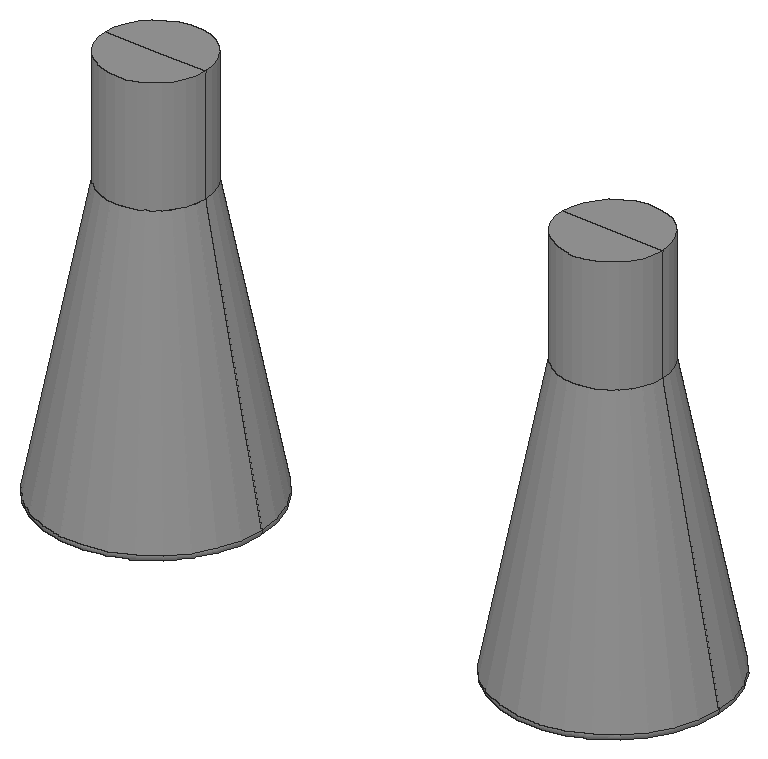
Revit family "Andreu World Reverse Conference ME5015", category Mobiliario, Revit 2014
Parameters (values of type "ME-5015 2200x1200 Lacquered")
  URL = "http://www.andreuworld.com/"
  Top Thickness = 30 mm
  Top Material = Andreu World Lacquered
  Top Length = 2200 mm
  Top Base = 715 mm
  Top Width = 1200 mm
  Reference = "ME-5015"
  R Base = 190 mm
  Modelo = "Reverse Conference"
  Height = 715 mm
  Fabricante = "Andreu World"
  Descripción = "Table"
  Base position = 690 mm
  Base Material = Andreu World Thermo-polymer White
  Base Height [instance] = 715 mm
Reference planes
  plane 1 "Centro (Frontal/Posterior)": y = 0
  plane 2: z = 0
  plane 3 "Centro Base": x = 487.159
  plane 4: x = 577.159
  plane 5: x = 677.159
  plane 6 "Base Height": z = 715
  plane 7: z = 510
  plane 8: z = 10
  plane 9: x = 397.159
  plane 10: x = 297.159
  plane 11 "Top thickness": z = 745
  plane 12: z = 738
  plane 13 "Glass": z = 750
  plane 14: x = 897.159
  plane 15: x = 1307.159
  plane 16: x = 1217.159
  plane 17: x = 1117.159
  plane 18: x = 1397.159
  plane 19: x = 1497.159
  plane 20: x = -202.841
  plane 21: y = 600
  plane 22: x = 1997.159
  plane 23: y = -600
  plane 24: y = 530
  plane 25: x = 1927.159
  plane 26: y = -530
  plane 27: x = -132.841
  plane 28: x = 1863.182
  plane 29: x = 1679.792
  plane 30: x = -68.864
  plane 31: x = 114.526
  plane 32: y = 435.339
  plane 33: y = 288.112
  plane 34: y = -435.339
  plane 35: y = -288.112
Forms (mm)
  Revolve 1, solid, material "Andreu World Thermo-polymer White" <- "Base Material", detail levels medium+fine
    sketch origin (0, 0, 0) x (1, 0, 0) y (0, 0, 1)
      loop
        line (487.159, 715) -> (487.159, 0) -> (667.497, 0)
        arc (667.497, 0) -> (674.895, 3.506) -> (676.866, 11.451) r 9.558
        line (676.866, 11.451) -> (577.159, 510) -> (577.159, 715) -> (487.159, 715)
      axis (487.159, 715) -> (487.159, 0)
    angle from 0 to 360
  Revolve 2, solid, material "Andreu World Thermo-polymer White" <- "Base Material", detail levels medium+fine
    sketch origin (1794.318, 0, 0) x (-1, 0, 0) y (0, 0, -1)
      loop
        line (487.159, -715) -> (577.159, -715) -> (577.159, -510) -> (676.866, -11.451)
        arc (676.866, -11.451) -> (674.895, -3.506) -> (667.497, 0) r 9.558
        line (667.497, 0) -> (487.159, 0) -> (487.159, -715)
      axis (487.159, -715) -> (487.159, 0)
    angle from 0 to 360
  Extrusion 3, solid, material "Andreu World Lacquered" <- "Top Material", detail levels coarse+medium
    sketch origin (0, 0, 0) x (1, 0, 0) y (0, 1, 0)
      loop
        arc (-69.841, -285.995) -> (5.678, -381.253) -> (114.564, -435.299) r 278.669
        arc (114.564, -435.299) -> (897.178, -530) -> (1679.792, -435.299) r 3281.121
        arc (1679.792, -435.299) -> (1788.119, -381.706) -> (1863.567, -287.29) r 278.669
        arc (1863.567, -287.29) -> (1927.159, 0.033) -> (1863.538, 287.349) r 680.734
        arc (1863.538, 287.349) -> (1788.093, 381.726) -> (1679.792, 435.299) r 278.669
        arc (1679.792, 435.299) -> (897.178, 530) -> (114.564, 435.299) r 3281.121
        arc (114.564, 435.299) -> (5.678, 381.253) -> (-69.841, 285.995) r 278.669
        arc (-69.841, 285.995) -> (-135.364, 0) -> (-69.841, -285.995) r 656.912
    from 715 <- "Top Base" to 745
  Sweep 4, solid, material "Andreu World Lacquered" <- "Top Material", detail levels coarse+medium
    path in 3D
      loop
        arc (114.564, -435.299, 745) -> (5.678, -381.253, 745) -> (-69.841, -285.995, 745) r 278.669
        arc (-69.841, -285.995, 745) -> (-135.364, 0, 745) -> (-69.841, 285.995, 745) r 656.912
        arc (-69.841, 285.995, 745) -> (5.678, 381.253, 745) -> (114.564, 435.299, 745) r 278.669
        arc (114.564, 435.299, 745) -> (897.178, 530, 745) -> (1679.792, 435.299, 745) r 3281.121
        arc (1679.792, 435.299, 745) -> (1788.093, 381.726, 745) -> (1863.538, 287.349, 745) r 278.669
        arc (1863.538, 287.349, 745) -> (1927.159, 0.033, 745) -> (1863.567, -287.29, 745) r 680.734
        arc (1863.567, -287.29, 745) -> (1788.119, -381.706, 745) -> (1679.792, -435.299, 745) r 278.669
        arc (1679.792, -435.299, 745) -> (897.178, -530, 745) -> (114.564, -435.299, 745) r 3281.121
    profile origin (897.178, -530, 745) x (0, -1, 0) y (0, 0, 1)
      loop
        line (0, -30) -> (70, -7) -> (70, 0) -> (0, 0) -> (0, -30)
Cuts and joins
  joined: Extrusion 3, Sweep 4
Lines and regions (mm)
  model lines, detail levels coarse+medium
    curve 1: circle (487.159, 0, 0) r 190 normal (0, 0, 1)
    curve 2: circle (1307.159, 0, 0) r 190 normal (0, 0, -1)
    curve 11: arc (1696.489, -503.278, 0) -> (897.178, -600, 0) -> (97.868, -503.278, 0) r 3351.121
    curve 12: arc (1926.742, -317.444, 0) -> (1832.306, -435.997, 0) -> (1696.489, -503.278, 0) r 348.669
    curve 13: arc (1926.709, 317.514, 0) -> (1997.159, 0.038, 0) -> (1926.742, -317.444, 0) r 750.734
    curve 14: arc (1696.489, 503.278, 0) -> (1832.276, 436.022, 0) -> (1926.709, 317.514, 0) r 348.669
    curve 15: arc (97.868, 503.278, 0) -> (897.178, 600, 0) -> (1696.489, 503.278, 0) r 3351.121
    curve 16: arc (-132.859, 316.47, 0) -> (-38.37, 435.657, 0) -> (97.868, 503.278, 0) r 348.669
    curve 17: arc (-132.859, -316.47, 0) -> (-205.364, 0, 0) -> (-132.859, 316.47, 0) r 726.912
    curve 18: arc (97.868, -503.278, 0) -> (-38.37, -435.657, 0) -> (-132.859, -316.47, 0) r 348.669
  sketch lines
    curve 3: arc (1679.792, -435.299, 745) -> (897.178, -530, 745) -> (114.564, -435.299, 745) r 3281.121
    curve 4: arc (1863.567, -287.29, 745) -> (1788.119, -381.706, 745) -> (1679.792, -435.299, 745) r 278.669
    curve 5: arc (1863.538, 287.349, 745) -> (1927.159, 0.033, 745) -> (1863.567, -287.29, 745) r 680.734
    curve 6: arc (1679.792, 435.299, 745) -> (1788.093, 381.726, 745) -> (1863.538, 287.349, 745) r 278.669
    curve 7: arc (114.564, 435.299, 745) -> (897.178, 530, 745) -> (1679.792, 435.299, 745) r 3281.121
    curve 8: arc (-69.841, 285.995, 745) -> (5.678, 381.253, 745) -> (114.564, 435.299, 745) r 278.669
    curve 9: arc (-69.841, -285.995, 745) -> (-135.364, 0, 745) -> (-69.841, 285.995, 745) r 656.912
    curve 10: arc (114.564, -435.299, 745) -> (5.678, -381.253, 745) -> (-69.841, -285.995, 745) r 278.669
Dimensions and locks
  "R Base": plane 5 to plane 3 "Centro Base"
  locked: plane 5 to plane 4 at 100
  locked: plane 8 to level at 10
  "Height": plane 6 "Base Height" to level
  plane 10 to plane 5 = 380 mm
  equal spacing: plane 10, plane 3 "Centro Base", plane 5
  locked: plane 10 to plane 9 at 100
  plane 6 "Base Height" to plane 7 = 205 mm
  "Top Thickness": plane 11 "Top thickness" to plane 6 "Base Height"
  locked: plane 11 "Top thickness" to plane 12 at 7
  plane 13 "Glass" to plane 11 "Top thickness" = 5 mm
  locked: plane 17 to plane 16 at 100
  plane 19 to plane 17 = 380 mm
  equal spacing: plane 19, plane 15, plane 17
  locked: plane 19 to plane 18 at 100
  "Top Width": plane 21 to plane 23
  equal spacing: plane 21, plane 1 "Centro (Frontal/Posterior)", plane 23
  "Top Length": plane 20 to plane 22
  equal spacing: plane 20, plane 14, plane 22
  locked: plane 20 to plane 27 at 70
  locked: plane 25 to plane 22 at 70
  locked: plane 26 to plane 23 at 70
  locked: plane 21 to plane 24 at 70
  "Base position": plane 20 to plane 3 "Centro Base"
  "Base position": plane 15 to plane 22
  locked: plane 20 to plane 30 at 133.977
  locked: plane 30 to plane 31 at 183.39
  locked: plane 28 to plane 22 at 133.977
  locked: plane 29 to plane 28 at 183.39
  locked: plane 21 to plane 32 at 164.661
  locked: plane 33 to plane 32 at 147.227
  locked: plane 34 to plane 23 at 164.661
  locked: plane 35 to plane 34 at 147.227
  "Base Height": plane 6 "Base Height" to level
  "R Base": radius of curve 1
  "R Base": radius of curve 2
  aligned and locked: level to plane 2
  aligned and locked: plane 6 "Base Height" to Revolve 1 sketch curve
  aligned and locked: Revolve 1 sketch curve to plane 3 "Centro Base"
  aligned and locked: Revolve 1 sketch curve to level
  aligned and locked: plane 4 to Revolve 1 sketch curve
  aligned and locked: Revolve 1 sketch curve to Revolve 1 sketch curve
  aligned and locked: Revolve 2 sketch curve to plane 15
  aligned and locked: plane 16 to Revolve 2 sketch curve
  aligned and locked: Revolve 2 sketch curve to Revolve 2 sketch curve
  aligned and locked: plane 29 to Extrusion 3 sketch curve
  aligned and locked: Extrusion 3 to plane 6 "Base Height"
  aligned and locked: Extrusion 3 to plane 11 "Top thickness"
  aligned and locked: Sweep 4 sketch curve to profile plane  (x2)
  aligned and locked: curve 11 to cut or joined group of Extrusion 3, Sweep 4
  aligned and locked: curve 12 to cut or joined group of Extrusion 3, Sweep 4
  aligned and locked: curve 13 to cut or joined group of Extrusion 3, Sweep 4
  aligned and locked: curve 14 to cut or joined group of Extrusion 3, Sweep 4
  aligned and locked: curve 15 to cut or joined group of Extrusion 3, Sweep 4
  aligned and locked: curve 16 to cut or joined group of Extrusion 3, Sweep 4
  aligned and locked: curve 17 to cut or joined group of Extrusion 3, Sweep 4
  aligned and locked: curve 18 to cut or joined group of Extrusion 3, Sweep 4
Automatic sketch dimensions
  Revolve 1 sketch curve to level = 0 mm
  Revolve 1 sketch curve to plane 7 = 0 mm
  Revolve 1 sketch curve to plane 6 "Base Height" = 0 mm
  Revolve 1 sketch curve to plane 5 = 9.662 mm
  Revolve 1 sketch curve to plane 5 = 0.293 mm
  level to Revolve 1 sketch curve = 9.558 mm
  Revolve 2 sketch curve to level = 0 mm  (x2)
  Revolve 2 sketch curve to plane 6 "Base Height" = 0 mm  (x2)
  Revolve 2 sketch curve to plane 7 = 0 mm
  Revolve 2 sketch curve to plane 17 = 9.662 mm
  Revolve 2 sketch curve to plane 17 = 0.293 mm
  plane 8 to Revolve 2 sketch curve = 1.451 mm
  plane 30 to Extrusion 3 sketch curve = 0.977 mm  (x2)
  plane 1 "Centro (Frontal/Posterior)" to Extrusion 3 sketch curve = 0 mm
  Extrusion 3 sketch curve to plane 31 = 66.507 mm  (x2)
  plane 3 "Centro Base" to Extrusion 3 sketch curve = 34.388 mm
  plane 14 to Extrusion 3 sketch curve = 0.019 mm  (x2)
  Extrusion 3 sketch curve to plane 29 = 66.468 mm  (x2)
  plane 35 to Extrusion 3 sketch curve = 123.439 mm
  plane 33 to Extrusion 3 sketch curve = 123.439 mm  (x2)
  plane 32 to Extrusion 3 sketch curve = 0.04 mm
  plane 34 to Extrusion 3 sketch curve = 0.04 mm
  Extrusion 3 sketch curve to Extrusion 3 sketch curve = 0 mm  (x4)
  Extrusion 3 sketch curve to plane 29 = 0 mm
  Sweep 4 sketch curve to profile plane = 70 mm
  Sweep 4 sketch curve to profile plane = 7 mm
  Sweep 4 sketch curve to profile plane = 30 mm
  plane 1 "Centro (Frontal/Posterior)" to curve 1 = 0 mm
  curve 1 to plane 3 "Centro Base" = 0 mm
  plane 1 "Centro (Frontal/Posterior)" to curve 2 = 0 mm
  curve 2 to plane 15 = 0 mm
